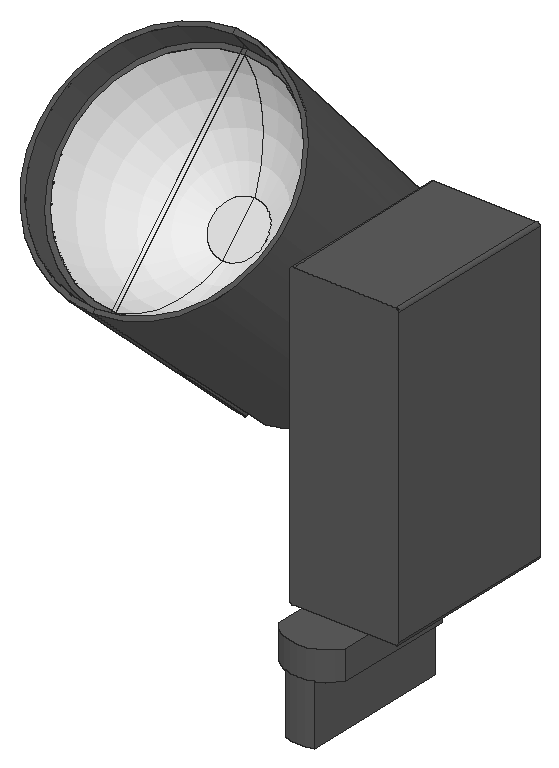
Revit family "0004892 Feilo Sylvania Lighting Fixture START TRACK SPOT L 55W 3K RA90 NB BLACK", category Lighting Fixtures, host Face, Revit 2017 (continued)
Definition of nested family "Start Track Spot Head"
  Types (96, lengths in mm): name | Wattage | built-in parameter 1150134 | Photometric Web File | Model | built-in parameter 1150105 | Lumens | built-in parameter 1150107 | built-in parameter 1150106 | HeadThickness_FEILO | HeadRibOffset_FEILO | HeadRibDepth_FEILO | HeadRibCutWidth_FEILO | HeadRibCutOffset_FEILO | HeadReflectorRadius_FEILO | HeadReflectorOffset_FEILO | HeadLEDRadius_FEILO | HeadHeight_FEILO | HeadDiffusorOffset_FEILO | HeadDiaOut_FEILO | HeadDiaIn_FEILO | HeadAxisFromTop_FEILO | Emit from Circle Diameter | built-in parameter 1150104 | Description | Apparent Load
    0004864 START TRACK SPOT S 24W 3K RA90 WB WHITE | 24 W | (empty or 0) | "0004864.ies" | "START TRACK SPOT S 24W 3K RA90 WB WHITE" | 152.79 (stored number, unit not read) | 1920 lm | 3000 (stored number, unit not read) | 1.5279 (stored number, unit not read) | 1.5 | 4.179 | 55.714 | 7.167 | 50.87 | 50.588 | 55.714 | 9.556 | 117 | 9.435 | 86 | 77.477 | 69.354 | 77.477 | 7.4322 (stored number, unit not read) | "Integrated LED spotlight, Textured White - RAL9016, compact and minimalist design, ideal for retail applications, die-cast aluminium body, passive cooling heatsink. Beam angle: 64°, color temperature: 3000K , total system power: 24W, total fixture output: 1928 lm, LOR: 100%, colour rendering: Ra: 90 typical, LED Chromaticity: 3 step MacAdam ellipse, lifetime: >50000 hours at L70B50, energy class: A++, A+, A, IR/UV free light source without heat radiation, operating voltage: 220-240V / 50-60Hz, drive current: 600mA, electronic driver, non-dimmable, power factor: 0.95, electrical protection: Class II, Global Track 3 Phase adapter suitable for Global trac 3-circuit tracks, ingress protection rating: IP20, suitable for internal environment only, horizontal rotation: 355°, vertical tilt: 90°, dimensions: Ø86x140x200, weight: 0.966kg." | 24 VA
    0004863 START TRACK SPOT S 24W 3K RA90 MB WHITE | 24 W | (empty or 0) | "0004863.ies" | "START TRACK SPOT S 24W 3K RA90 MB WHITE" | 154.7 (stored number, unit not read) | 1944 lm | 3000 (stored number, unit not read) | 1.547 (stored number, unit not read) | 1.5 | 4.179 | 55.714 | 7.167 | 50.87 | 50.588 | 55.714 | 9.556 | 117 | 9.435 | 86 | 77.477 | 69.354 | 77.477 | 7.5251 (stored number, unit not read) | "Integrated LED spotlight, Textured White - RAL9016, compact and minimalist design, ideal for retail applications, die-cast aluminium body, passive cooling heatsink. Beam angle: 36°, color temperature: 3000K , total system power: 24W, total fixture output: 1944 lm, LOR: 100%, colour rendering: Ra: 90 typical, LED Chromaticity: 3 step MacAdam ellipse, lifetime: >50000 hours at L70B50, energy class: A++, A+, A, IR/UV free light source without heat radiation, operating voltage: 220-240V / 50-60Hz, drive current: 600mA, electronic driver, non-dimmable, power factor: 0.95, electrical protection: Class II, Global Track 3 Phase adapter suitable for Global trac 3-circuit tracks, ingress protection rating: IP20, suitable for internal environment only, horizontal rotation: 355°, vertical tilt: 90°, dimensions: Ø86x140x200, weight: 0.966kg." | 24 VA
    0004862 START TRACK SPOT S 24W 3K RA90 NB WHITE | 24 W | (empty or 0) | "0004862.ies" | "START TRACK SPOT S 24W 3K RA90 NB WHITE" | 158.52 (stored number, unit not read) | 1992 lm | 3000 (stored number, unit not read) | 1.5852 (stored number, unit not read) | 1.5 | 4.179 | 55.714 | 7.167 | 50.87 | 50.588 | 55.714 | 9.556 | 117 | 9.435 | 86 | 77.477 | 69.354 | 77.477 | 7.711 (stored number, unit not read) | "Integrated LED spotlight, Textured White - RAL9016, compact and minimalist design, ideal for retail applications, die-cast aluminium body, passive cooling heatsink. Beam angle: 12°, color temperature: 3000K , total system power: 24W, total fixture output: 1987 lm, LOR: 100%, colour rendering: Ra: 90 typical, LED Chromaticity: 3 step MacAdam ellipse, lifetime: >50000 hours at L70B50, energy class: A++, A+, A, IR/UV free light source without heat radiation, operating voltage: 220-240V / 50-60Hz, drive current: 600mA, electronic driver, non-dimmable, power factor: 0.95, electrical protection: Class II, Global Track 3 Phase adapter suitable for Global trac 3-circuit tracks, ingress protection rating: IP20, suitable for internal environment only, horizontal rotation: 355°, vertical tilt: 90°, dimensions: Ø86x140x200, weight: 0.966kg." | 24 VA
    0004861 START TRACK SPOT S 14W 3K RA90 WB WHITE | 14 W | (empty or 0) | "0004861.ies" | "START TRACK SPOT S 14W 3K RA90 WB WHITE" | 100.27 (stored number, unit not read) | 1260 lm | 3000 (stored number, unit not read) | 1.0027 (stored number, unit not read) | 1.5 | 4.179 | 55.714 | 7.167 | 50.87 | 50.588 | 55.714 | 9.556 | 117 | 9.435 | 86 | 77.477 | 69.354 | 77.477 | 8.3613 (stored number, unit not read) | "Integrated LED spotlight, Textured White - RAL9016, compact and minimalist design, ideal for retail applications, die-cast aluminium body, passive cooling heatsink. Beam angle: 64°, color temperature: 3000K , total system power: 14W, total fixture output: 1262 lm, LOR: 100%, colour rendering: Ra: 90 typical, LED Chromaticity: 3 step MacAdam ellipse, lifetime: >50000 hours at L70B50, energy class: A++, A+, A, IR/UV free light source without heat radiation, operating voltage: 220-240V / 50-60Hz, drive current: 350mA, electronic driver, non-dimmable, power factor: 0.92, electrical protection: Class II, Global Track 3 Phase adapter suitable for Global trac 3-circuit tracks, ingress protection rating: IP20, suitable for internal environment only, horizontal rotation: 355°, vertical tilt: 90°, dimensions: Ø86x140x200, weight: 0.940kg." | 14 VA
    0004860 START TRACK SPOT S 14W 3K RA90 MB WHITE | 14 W | (empty or 0) | "0004860.ies" | "START TRACK SPOT S 14W 3K RA90 MB WHITE" | 100.27 (stored number, unit not read) | 1260 lm | 3000 (stored number, unit not read) | 1.0027 (stored number, unit not read) | 1.5 | 4.179 | 55.714 | 7.167 | 50.87 | 50.588 | 55.714 | 9.556 | 117 | 9.435 | 86 | 77.477 | 69.354 | 77.477 | 8.3613 (stored number, unit not read) | "Integrated LED spotlight, Textured White - RAL9016, compact and minimalist design, ideal for retail applications, die-cast aluminium body, passive cooling heatsink. Beam angle: 36°, color temperature: 3000K , total system power: 14W, total fixture output: 1262 lm, LOR: 100%, colour rendering: Ra: 90 typical, LED Chromaticity: 3 step MacAdam ellipse, lifetime: >50000 hours at L70B50, energy class: A++, A+, A, IR/UV free light source without heat radiation, operating voltage: 220-240V / 50-60Hz, drive current: 350mA, electronic driver, non-dimmable, power factor: 0.92, electrical protection: Class II, Global Track 3 Phase adapter suitable for Global trac 3-circuit tracks, ingress protection rating: IP20, suitable for internal environment only, horizontal rotation: 355°, vertical tilt: 90°, dimensions: Ø86x140x200, weight: 0.940kg." | 14 VA
    0004859 START TRACK SPOT S 14W 3K RA90 NB WHITE | 14 W | (empty or 0) | "0004859.ies" | "START TRACK SPOT S 14W 3K RA90 NB WHITE" | 102.5 (stored number, unit not read) | 1288 lm | 3000 (stored number, unit not read) | 1.025 (stored number, unit not read) | 1.5 | 4.179 | 55.714 | 7.167 | 50.87 | 50.588 | 55.714 | 9.556 | 117 | 9.435 | 86 | 77.477 | 69.354 | 77.477 | 8.5471 (stored number, unit not read) | "Integrated LED spotlight, Textured White - RAL9016, compact and minimalist design, ideal for retail applications, die-cast aluminium body, passive cooling heatsink. Beam angle: 12°, color temperature: 3000K , total system power: 14W, total fixture output: 1284 lm, LOR: 100%, colour rendering: Ra: 90 typical, LED Chromaticity: 3 step MacAdam ellipse, lifetime: >50000 hours at L70B50, energy class: A++, A+, A, IR/UV free light source without heat radiation, operating voltage: 220-240V / 50-60Hz, drive current: 350mA, electronic driver, non-dimmable, power factor: 0.92, electrical protection: Class II, Global Track 3 Phase adapter suitable for Global trac 3-circuit tracks, ingress protection rating: IP20, suitable for internal environment only, horizontal rotation: 355°, vertical tilt: 90°, dimensions: Ø86x140x200, weight: 0.940kg." | 14 VA
    0004858 START TRACK SPOT L 55W 4K RA80 WB BLACK | 55 W | 12 | "0004858.ies" | "START TRACK SPOT L 55W 4K RA80 WB BLACK" | 424.55 (stored number, unit not read) | 5335 lm | 4000 (stored number, unit not read) | 4.2455 (stored number, unit not read) | 2 | 4.429 | 59.048 | 9.417 | 53.913 | 66.471 | 59.048 | 12.556 | 124 | 10 | 113 | 101.802 | 73.503 | 101.802 | 9.0116 (stored number, unit not read) | "Integrated LED spotlight, Textured Black - RAL9005, compact and minimalist design, ideal for retail applications, die-cast aluminium body, passive cooling heatsink. Beam angle: 52°, color temperature: 4000K , total system power: 55W, total fixture output: 5320 lm, LOR: 100%, colour rendering: Ra: 80 typical, LED Chromaticity: 3 step MacAdam ellipse, lifetime: >50000 hours at L70B50, energy class: A++, A+, A, IR/UV free light source without heat radiation, operating voltage: 220-240V / 50-60Hz, drive current: 1400mA, electronic driver, non-dimmable, power factor: 0.96, electrical protection: Class II, Global Track 3 Phase adapter suitable for Global trac 3-circuit tracks, ingress protection rating: IP20, suitable for internal environment only, horizontal rotation: 355°, vertical tilt: 90°, dimensions: Ø113x164x240, weight: 1.398kg." | 55 VA
    0004857 START TRACK SPOT L 55W 4K RA80 MB BLACK | 55 W | 12 | "0004857.ies" | "START TRACK SPOT L 55W 4K RA80 MB BLACK" | 428.92 (stored number, unit not read) | 5390 lm | 4000 (stored number, unit not read) | 4.2892 (stored number, unit not read) | 2 | 4.429 | 59.048 | 9.417 | 53.913 | 66.471 | 59.048 | 12.556 | 124 | 10 | 113 | 101.802 | 73.503 | 101.802 | 9.1045 (stored number, unit not read) | "Integrated LED spotlight, Textured Black - RAL9005, compact and minimalist design, ideal for retail applications, die-cast aluminium body, passive cooling heatsink. Beam angle: 38°, color temperature: 4000K , total system power: 55W, total fixture output: 5378 lm, LOR: 100%, colour rendering: Ra: 80 typical, LED Chromaticity: 3 step MacAdam ellipse, lifetime: >50000 hours at L70B50, energy class: A++, A+, A, IR/UV free light source without heat radiation, operating voltage: 220-240V / 50-60Hz, drive current: 1400mA, electronic driver, non-dimmable, power factor: 0.96, electrical protection: Class II, Global Track 3 Phase adapter suitable for Global trac 3-circuit tracks, ingress protection rating: IP20, suitable for internal environment only, horizontal rotation: 355°, vertical tilt: 90°, dimensions: Ø113x164x240, weight: 1.398kg." | 55 VA
    0004856 START TRACK SPOT L 55W 4K RA80 NB BLACK | 55 W | 12 | "0004856.ies" | "START TRACK SPOT L 55W 4K RA80 NB BLACK" | 433.3 (stored number, unit not read) | 5445 lm | 4000 (stored number, unit not read) | 4.333 (stored number, unit not read) | 2 | 4.429 | 59.048 | 9.417 | 53.913 | 66.471 | 59.048 | 12.556 | 124 | 10 | 113 | 101.802 | 73.503 | 101.802 | 9.1974 (stored number, unit not read) | "Integrated LED spotlight, Textured Black - RAL9005, compact and minimalist design, ideal for retail applications, die-cast aluminium body, passive cooling heatsink. Beam angle: 15°, color temperature: 4000K , total system power: 55W, total fixture output: 5426 lm, LOR: 100%, colour rendering: Ra: 80 typical, LED Chromaticity: 3 step MacAdam ellipse, lifetime: >50000 hours at L70B50, energy class: A++, A+, A, IR/UV free light source without heat radiation, operating voltage: 220-240V / 50-60Hz, drive current: 1400mA, electronic driver, non-dimmable, power factor: 0.96, electrical protection: Class II, Global Track 3 Phase adapter suitable for Global trac 3-circuit tracks, ingress protection rating: IP20, suitable for internal environment only, horizontal rotation: 355°, vertical tilt: 90°, dimensions: Ø113x164x240, weight: 1.398kg." | 55 VA
    0004855 START TRACK SPOT L 35W 4K RA80 WB BLACK | 35 W | 12 | "0004855.ies" | "START TRACK SPOT L 35W 4K RA80 WB BLACK" | 320.3 (stored number, unit not read) | 4025 lm | 4000 (stored number, unit not read) | 3.203 (stored number, unit not read) | 2 | 4.429 | 59.048 | 9.417 | 53.913 | 66.471 | 59.048 | 12.556 | 124 | 10 | 113 | 101.802 | 73.503 | 101.802 | 10.684 (stored number, unit not read) | "Integrated LED spotlight, Textured Black - RAL9005, compact and minimalist design, ideal for retail applications, die-cast aluminium body, passive cooling heatsink. Beam angle: 52°, color temperature: 4000K , total system power: 35W, total fixture output: 4010 lm, LOR: 100%, colour rendering: Ra: 80 typical, LED Chromaticity: 3 step MacAdam ellipse, lifetime: >50000 hours at L70B50, energy class: A++, A+, A, IR/UV free light source without heat radiation, operating voltage: 220-240V / 50-60Hz, drive current: 900mA, electronic driver, non-dimmable, power factor: 0.93, electrical protection: Class II, Global Track 3 Phase adapter suitable for Global trac 3-circuit tracks, ingress protection rating: IP20, suitable for internal environment only, horizontal rotation: 355°, vertical tilt: 90°, dimensions: Ø113x164x240, weight: 1.368kg." | 35 VA
    0004854 START TRACK SPOT L 35W 4K RA80 MB BLACK | 35 W | 12 | "0004854.ies" | "START TRACK SPOT L 35W 4K RA80 MB BLACK" | 320.3 (stored number, unit not read) | 4025 lm | 4000 (stored number, unit not read) | 3.203 (stored number, unit not read) | 2 | 4.429 | 59.048 | 9.417 | 53.913 | 66.471 | 59.048 | 12.556 | 124 | 10 | 113 | 101.802 | 73.503 | 101.802 | 10.684 (stored number, unit not read) | "Integrated LED spotlight, Textured Black - RAL9005, compact and minimalist design, ideal for retail applications, die-cast aluminium body, passive cooling heatsink. Beam angle: 38°, color temperature: 4000K , total system power: 35W, total fixture output: 4017 lm, LOR: 100%, colour rendering: Ra: 80 typical, LED Chromaticity: 3 step MacAdam ellipse, lifetime: >50000 hours at L70B50, energy class: A++, A+, A, IR/UV free light source without heat radiation, operating voltage: 220-240V / 50-60Hz, drive current: 900mA, electronic driver, non-dimmable, power factor: 0.93, electrical protection: Class II, Global Track 3 Phase adapter suitable for Global trac 3-circuit tracks, ingress protection rating: IP20, suitable for internal environment only, horizontal rotation: 355°, vertical tilt: 90°, dimensions: Ø113x164x240, weight: 1.368kg." | 35 VA
    0004853 START TRACK SPOT L 35W 4K RA80 NB BLACK | 35 W | 12 | "0004853.ies" | "START TRACK SPOT L 35W 4K RA80 NB BLACK" | 331.44 (stored number, unit not read) | 4165 lm | 4000 (stored number, unit not read) | 3.3144 (stored number, unit not read) | 2 | 4.429 | 59.048 | 9.417 | 53.913 | 66.471 | 59.048 | 12.556 | 124 | 10 | 113 | 101.802 | 73.503 | 101.802 | 11.055 (stored number, unit not read) | "Integrated LED spotlight, Textured Black - RAL9005, compact and minimalist design, ideal for retail applications, die-cast aluminium body, passive cooling heatsink. Beam angle: 15°, color temperature: 4000K , total system power: 35W, total fixture output: 4174 lm, LOR: 100%, colour rendering: Ra: 80 typical, LED Chromaticity: 3 step MacAdam ellipse, lifetime: >50000 hours at L70B50, energy class: A++, A+, A, IR/UV free light source without heat radiation, operating voltage: 220-240V / 50-60Hz, drive current: 900mA, electronic driver, non-dimmable, power factor: 0.93, electrical protection: Class II, Global Track 3 Phase adapter suitable for Global trac 3-circuit tracks, ingress protection rating: IP20, suitable for internal environment only, horizontal rotation: 355°, vertical tilt: 90°, dimensions: Ø113x164x240, weight: 1.368kg." | 35 VA
    0004852 START TRACK SPOT S 24W 4K RA80 WB BLACK | 24 W | 12 | "0004852.ies" | "START TRACK SPOT S 24W 4K RA80 WB BLACK" | 196.72 (stored number, unit not read) | 2472 lm | 4000 (stored number, unit not read) | 1.9672 (stored number, unit not read) | 1.5 | 4.179 | 55.714 | 7.167 | 50.87 | 50.588 | 55.714 | 9.556 | 117 | 9.435 | 86 | 77.477 | 69.354 | 77.477 | 9.569 (stored number, unit not read) | "Integrated LED spotlight, Textured Black - RAL9005, compact and minimalist design, ideal for retail applications, die-cast aluminium body, passive cooling heatsink. Beam angle: 64°, color temperature: 4000K , total system power: 24W, total fixture output: 2476 lm, LOR: 100%, colour rendering: Ra: 80 typical, LED Chromaticity: 3 step MacAdam ellipse, lifetime: >50000 hours at L70B50, energy class: A++, A+, A, IR/UV free light source without heat radiation, operating voltage: 220-240V / 50-60Hz, drive current: 600mA, electronic driver, non-dimmable, power factor: 0.95, electrical protection: Class II, Global Track 3 Phase adapter suitable for Global trac 3-circuit tracks, ingress protection rating: IP20, suitable for internal environment only, horizontal rotation: 355°, vertical tilt: 90°, dimensions: Ø86x140x200, weight: 0.966kg." | 24 VA
    0004851 START TRACK SPOT S 24W 4K RA80 MB BLACK | 24 W | 12 | "0004851.ies" | "START TRACK SPOT S 24W 4K RA80 MB BLACK" | 198.63 (stored number, unit not read) | 2496 lm | 4000 (stored number, unit not read) | 1.9863 (stored number, unit not read) | 1.5 | 4.179 | 55.714 | 7.167 | 50.87 | 50.588 | 55.714 | 9.556 | 117 | 9.435 | 86 | 77.477 | 69.354 | 77.477 | 9.6619 (stored number, unit not read) | "Integrated LED spotlight, Textured Black - RAL9005, compact and minimalist design, ideal for retail applications, die-cast aluminium body, passive cooling heatsink. Beam angle: 36°, color temperature: 4000K , total system power: 24W, total fixture output: 2487 lm, LOR: 100%, colour rendering: Ra: 80 typical, LED Chromaticity: 3 step MacAdam ellipse, lifetime: >50000 hours at L70B50, energy class: A++, A+, A, IR/UV free light source without heat radiation, operating voltage: 220-240V / 50-60Hz, drive current: 600mA, electronic driver, non-dimmable, power factor: 0.95, electrical protection: Class II, Global Track 3 Phase adapter suitable for Global trac 3-circuit tracks, ingress protection rating: IP20, suitable for internal environment only, horizontal rotation: 355°, vertical tilt: 90°, dimensions: Ø86x140x200, weight: 0.966kg." | 24 VA
    0004850 START TRACK SPOT S 24W 4K RA80 NB BLACK | 24 W | 12 | "0004850.ies" | "START TRACK SPOT S 24W 4K RA80 NB BLACK" | 200.54 (stored number, unit not read) | 2520 lm | 4000 (stored number, unit not read) | 2.0054 (stored number, unit not read) | 1.5 | 4.179 | 55.714 | 7.167 | 50.87 | 50.588 | 55.714 | 9.556 | 117 | 9.435 | 86 | 77.477 | 69.354 | 77.477 | 9.7548 (stored number, unit not read) | "Integrated LED spotlight, Textured Black - RAL9005, compact and minimalist design, ideal for retail applications, die-cast aluminium body, passive cooling heatsink. Beam angle: 12°, color temperature: 4000K , total system power: 24W, total fixture output: 2529 lm, LOR: 100%, colour rendering: Ra: 80 typical, LED Chromaticity: 3 step MacAdam ellipse, lifetime: >50000 hours at L70B50, energy class: A++, A+, A, IR/UV free light source without heat radiation, operating voltage: 220-240V / 50-60Hz, drive current: 600mA, electronic driver, non-dimmable, power factor: 0.95, electrical protection: Class II, Global Track 3 Phase adapter suitable for Global trac 3-circuit tracks, ingress protection rating: IP20, suitable for internal environment only, horizontal rotation: 355°, vertical tilt: 90°, dimensions: Ø86x140x200, weight: 0.966kg." | 24 VA
    0004849 START TRACK SPOT S 14W 4K RA80 WB BLACK | 14 W | 12 | "0004849.ies" | "START TRACK SPOT S 14W 4K RA80 WB BLACK" | 123.66 (stored number, unit not read) | 1554 lm | 4000 (stored number, unit not read) | 1.2366 (stored number, unit not read) | 1.5 | 4.179 | 55.714 | 7.167 | 50.87 | 50.588 | 55.714 | 9.556 | 117 | 9.435 | 86 | 77.477 | 69.354 | 77.477 | 10.312 (stored number, unit not read) | "Integrated LED spotlight, Textured Black - RAL9005, compact and minimalist design, ideal for retail applications, die-cast aluminium body, passive cooling heatsink. Beam angle: 64°, color temperature: 4000K , total system power: 14W, total fixture output: 1558 lm, LOR: 100%, colour rendering: Ra: 80 typical, LED Chromaticity: 3 step MacAdam ellipse, lifetime: >50000 hours at L70B50, energy class: A++, A+, A, IR/UV free light source without heat radiation, operating voltage: 220-240V / 50-60Hz, drive current: 350mA, electronic driver, non-dimmable, power factor: 0.92, electrical protection: Class II, Global Track 3 Phase adapter suitable for Global trac 3-circuit tracks, ingress protection rating: IP20, suitable for internal environment only, horizontal rotation: 355°, vertical tilt: 90°, dimensions: Ø86x140x200, weight: 0.940kg." | 14 VA
    0004848 START TRACK SPOT S 14W 4K RA80 MB BLACK | 14 W | 12 | "0004848.ies" | "START TRACK SPOT S 14W 4K RA80 MB BLACK" | 127.01 (stored number, unit not read) | 1596 lm | 4000 (stored number, unit not read) | 1.2701 (stored number, unit not read) | 1.5 | 4.179 | 55.714 | 7.167 | 50.87 | 50.588 | 55.714 | 9.556 | 117 | 9.435 | 86 | 77.477 | 69.354 | 77.477 | 10.591 (stored number, unit not read) | "Integrated LED spotlight, Textured Black - RAL9005, compact and minimalist design, ideal for retail applications, die-cast aluminium body, passive cooling heatsink. Beam angle: 36°, color temperature: 4000K , total system power: 14W, total fixture output: 1598 lm, LOR: 100%, colour rendering: Ra: 80 typical, LED Chromaticity: 3 step MacAdam ellipse, lifetime: >50000 hours at L70B50, energy class: A++, A+, A, IR/UV free light source without heat radiation, operating voltage: 220-240V / 50-60Hz, drive current: 350mA, electronic driver, non-dimmable, power factor: 0.92, electrical protection: Class II, Global Track 3 Phase adapter suitable for Global trac 3-circuit tracks, ingress protection rating: IP20, suitable for internal environment only, horizontal rotation: 355°, vertical tilt: 90°, dimensions: Ø86x140x200, weight: 0.940kg." | 14 VA
    0004847 START TRACK SPOT S 14W 4K RA80 NB BLACK | 14 W | 12 | "0004847.ies" | "START TRACK SPOT S 14W 4K RA80 NB BLACK" | 128.12 (stored number, unit not read) | 1610 lm | 4000 (stored number, unit not read) | 1.2812 (stored number, unit not read) | 1.5 | 4.179 | 55.714 | 7.167 | 50.87 | 50.588 | 55.714 | 9.556 | 117 | 9.435 | 86 | 77.477 | 69.354 | 77.477 | 10.684 (stored number, unit not read) | "Integrated LED spotlight, Textured Black - RAL9005, compact and minimalist design, ideal for retail applications, die-cast aluminium body, passive cooling heatsink. Beam angle: 12°, color temperature: 4000K , total system power: 14W, total fixture output: 1608 lm, LOR: 100%, colour rendering: Ra: 80 typical, LED Chromaticity: 3 step MacAdam ellipse, lifetime: >50000 hours at L70B50, energy class: A++, A+, A, IR/UV free light source without heat radiation, operating voltage: 220-240V / 50-60Hz, drive current: 350mA, electronic driver, non-dimmable, power factor: 0.92, electrical protection: Class II, Global Track 3 Phase adapter suitable for Global trac 3-circuit tracks, ingress protection rating: IP20, suitable for internal environment only, horizontal rotation: 355°, vertical tilt: 90°, dimensions: Ø86x140x200, weight: 0.940kg." | 14 VA
    0004846 START TRACK SPOT L 55W 3K RA80 WB BLACK | 55 W | (empty or 0) | "0004846.ies" | "START TRACK SPOT L 55W 3K RA80 WB BLACK" | 420.17 (stored number, unit not read) | 5280 lm | 3000 (stored number, unit not read) | 4.2017 (stored number, unit not read) | 2 | 4.429 | 59.048 | 9.417 | 53.913 | 66.471 | 59.048 | 12.556 | 124 | 10 | 113 | 101.802 | 73.503 | 101.802 | 8.9187 (stored number, unit not read) | "Integrated LED spotlight, Textured Black - RAL9005, compact and minimalist design, ideal for retail applications, die-cast aluminium body, passive cooling heatsink. Beam angle: 52°, color temperature: 3000K , total system power: 55W, total fixture output: 5298 lm, LOR: 100%, colour rendering: Ra: 80 typical, LED Chromaticity: 3 step MacAdam ellipse, lifetime: >50000 hours at L70B50, energy class: A++, A+, A, IR/UV free light source without heat radiation, operating voltage: 220-240V / 50-60Hz, drive current: 1400mA, electronic driver, non-dimmable, power factor: 0.96, electrical protection: Class II, Global Track 3 Phase adapter suitable for Global trac 3-circuit tracks, ingress protection rating: IP20, suitable for internal environment only, horizontal rotation: 355°, vertical tilt: 90°, dimensions: Ø113x164x240, weight: 1.398kg." | 55 VA
    0004845 START TRACK SPOT L 55W 3K RA80 MB BLACK | 55 W | (empty or 0) | "0004845.ies" | "START TRACK SPOT L 55W 3K RA80 MB BLACK" | 428.92 (stored number, unit not read) | 5390 lm | 3000 (stored number, unit not read) | 4.2892 (stored number, unit not read) | 2 | 4.429 | 59.048 | 9.417 | 53.913 | 66.471 | 59.048 | 12.556 | 124 | 10 | 113 | 101.802 | 73.503 | 101.802 | 9.1045 (stored number, unit not read) | "Integrated LED spotlight, Textured Black - RAL9005, compact and minimalist design, ideal for retail applications, die-cast aluminium body, passive cooling heatsink. Beam angle: 38°, color temperature: 3000K , total system power: 55W, total fixture output: 5381 lm, LOR: 100%, colour rendering: Ra: 80 typical, LED Chromaticity: 3 step MacAdam ellipse, lifetime: >50000 hours at L70B50, energy class: A++, A+, A, IR/UV free light source without heat radiation, operating voltage: 220-240V / 50-60Hz, drive current: 1400mA, electronic driver, non-dimmable, power factor: 0.96, electrical protection: Class II, Global Track 3 Phase adapter suitable for Global trac 3-circuit tracks, ingress protection rating: IP20, suitable for internal environment only, horizontal rotation: 355°, vertical tilt: 90°, dimensions: Ø113x164x240, weight: 1.398kg." | 55 VA
    0004844 START TRACK SPOT L 55W 3K RA80 NB BLACK | 55 W | (empty or 0) | "0004844.ies" | "START TRACK SPOT L 55W 3K RA80 NB BLACK" | 433.3 (stored number, unit not read) | 5445 lm | 3000 (stored number, unit not read) | 4.333 (stored number, unit not read) | 2 | 4.429 | 59.048 | 9.417 | 53.913 | 66.471 | 59.048 | 12.556 | 124 | 10 | 113 | 101.802 | 73.503 | 101.802 | 9.1974 (stored number, unit not read) | "Integrated LED spotlight, Textured Black - RAL9005, compact and minimalist design, ideal for retail applications, die-cast aluminium body, passive cooling heatsink. Beam angle: 15°, color temperature: 3000K , total system power: 55W, total fixture output: 5449 lm, LOR: 100%, colour rendering: Ra: 80 typical, LED Chromaticity: 3 step MacAdam ellipse, lifetime: >50000 hours at L70B50, energy class: A++, A+, A, IR/UV free light source without heat radiation, operating voltage: 220-240V / 50-60Hz, drive current: 1400mA, electronic driver, non-dimmable, power factor: 0.96, electrical protection: Class II, Global Track 3 Phase adapter suitable for Global trac 3-circuit tracks, ingress protection rating: IP20, suitable for internal environment only, horizontal rotation: 355°, vertical tilt: 90°, dimensions: Ø113x164x240, weight: 1.398kg." | 55 VA
    0004843 START TRACK SPOT L 35W 3K RA80 WB BLACK | 35 W | (empty or 0) | "0004843.ies" | "START TRACK SPOT L 35W 3K RA80 WB BLACK" | 314.73 (stored number, unit not read) | 3955 lm | 3000 (stored number, unit not read) | 3.1473 (stored number, unit not read) | 2 | 4.429 | 59.048 | 9.417 | 53.913 | 66.471 | 59.048 | 12.556 | 124 | 10 | 113 | 101.802 | 73.503 | 101.802 | 10.498 (stored number, unit not read) | "Integrated LED spotlight, Textured Black - RAL9005, compact and minimalist design, ideal for retail applications, die-cast aluminium body, passive cooling heatsink. Beam angle: 52°, color temperature: 3000K , total system power: 35W, total fixture output: 3943 lm, LOR: 100%, colour rendering: Ra: 80 typical, LED Chromaticity: 3 step MacAdam ellipse, lifetime: >50000 hours at L70B50, energy class: A++, A+, A, IR/UV free light source without heat radiation, operating voltage: 220-240V / 50-60Hz, drive current: 900mA, electronic driver, non-dimmable, power factor: 0.93, electrical protection: Class II, Global Track 3 Phase adapter suitable for Global trac 3-circuit tracks, ingress protection rating: IP20, suitable for internal environment only, horizontal rotation: 355°, vertical tilt: 90°, dimensions: Ø113x164x240, weight: 1.368kg." | 35 VA
    0004842 START TRACK SPOT L 35W 3K RA80 MB BLACK | 35 W | (empty or 0) | "0004842.ies" | "START TRACK SPOT L 35W 3K RA80 MB BLACK" | 320.3 (stored number, unit not read) | 4025 lm | 3000 (stored number, unit not read) | 3.203 (stored number, unit not read) | 2 | 4.429 | 59.048 | 9.417 | 53.913 | 66.471 | 59.048 | 12.556 | 124 | 10 | 113 | 101.802 | 73.503 | 101.802 | 10.684 (stored number, unit not read) | "Integrated LED spotlight, Textured Black - RAL9005, compact and minimalist design, ideal for retail applications, die-cast aluminium body, passive cooling heatsink. Beam angle: 38°, color temperature: 3000K , total system power: 35W, total fixture output: 4008 lm, LOR: 100%, colour rendering: Ra: 80 typical, LED Chromaticity: 3 step MacAdam ellipse, lifetime: >50000 hours at L70B50, energy class: A++, A+, A, IR/UV free light source without heat radiation, operating voltage: 220-240V / 50-60Hz, drive current: 900mA, electronic driver, non-dimmable, power factor: 0.93, electrical protection: Class II, Global Track 3 Phase adapter suitable for Global trac 3-circuit tracks, ingress protection rating: IP20, suitable for internal environment only, horizontal rotation: 355°, vertical tilt: 90°, dimensions: Ø113x164x240, weight: 1.368kg." | 35 VA
    0004841 START TRACK SPOT L 35W 3K RA80 NB BLACK | 35 W | (empty or 0) | "0004841.ies" | "START TRACK SPOT L 35W 3K RA80 NB BLACK" | 317.51 (stored number, unit not read) | 3990 lm | 3000 (stored number, unit not read) | 3.1751 (stored number, unit not read) | 2 | 4.429 | 59.048 | 9.417 | 53.913 | 66.471 | 59.048 | 12.556 | 124 | 10 | 113 | 101.802 | 73.503 | 101.802 | 10.591 (stored number, unit not read) | "Integrated LED spotlight, Textured Black - RAL9005, compact and minimalist design, ideal for retail applications, die-cast aluminium body, passive cooling heatsink. Beam angle: 15°, color temperature: 3000K , total system power: 35W, total fixture output: 4005 lm, LOR: 100%, colour rendering: Ra: 80 typical, LED Chromaticity: 3 step MacAdam ellipse, lifetime: >50000 hours at L70B50, energy class: A++, A+, A, IR/UV free light source without heat radiation, operating voltage: 220-240V / 50-60Hz, drive current: 900mA, electronic driver, non-dimmable, power factor: 0.93, electrical protection: Class II, Global Track 3 Phase adapter suitable for Global trac 3-circuit tracks, ingress protection rating: IP20, suitable for internal environment only, horizontal rotation: 355°, vertical tilt: 90°, dimensions: Ø113x164x240, weight: 1.368kg." | 35 VA
    0004840 START TRACK SPOT S 24W 3K RA80 WB BLACK | 24 W | (empty or 0) | "0004840.ies" | "START TRACK SPOT S 24W 3K RA80 WB BLACK" | 185.26 (stored number, unit not read) | 2328 lm | 3000 (stored number, unit not read) | 1.8526 (stored number, unit not read) | 1.5 | 4.179 | 55.714 | 7.167 | 50.87 | 50.588 | 55.714 | 9.556 | 117 | 9.435 | 86 | 77.477 | 69.354 | 77.477 | 9.0116 (stored number, unit not read) | "Integrated LED spotlight, Textured Black - RAL9005, compact and minimalist design, ideal for retail applications, die-cast aluminium body, passive cooling heatsink. Beam angle: 64°, color temperature: 3000K , total system power: 24W, total fixture output: 2318 lm, LOR: 100%, colour rendering: Ra: 80 typical, LED Chromaticity: 3 step MacAdam ellipse, lifetime: >50000 hours at L70B50, energy class: A++, A+, A, IR/UV free light source without heat radiation, operating voltage: 220-240V / 50-60Hz, drive current: 600mA, electronic driver, non-dimmable, power factor: 0.95, electrical protection: Class II, Global Track 3 Phase adapter suitable for Global trac 3-circuit tracks, ingress protection rating: IP20, suitable for internal environment only, horizontal rotation: 355°, vertical tilt: 90°, dimensions: Ø86x140x200, weight: 0.966kg." | 24 VA
    0004839 START TRACK SPOT S 24W 3K RA80 MB BLACK | 24 W | (empty or 0) | "0004839.ies" | "START TRACK SPOT S 24W 3K RA80 MB BLACK" | 183.35 (stored number, unit not read) | 2304 lm | 3000 (stored number, unit not read) | 1.8335 (stored number, unit not read) | 1.5 | 4.179 | 55.714 | 7.167 | 50.87 | 50.588 | 55.714 | 9.556 | 117 | 9.435 | 86 | 77.477 | 69.354 | 77.477 | 8.9187 (stored number, unit not read) | "Integrated LED spotlight, Textured Black - RAL9005, compact and minimalist design, ideal for retail applications, die-cast aluminium body, passive cooling heatsink. Beam angle: 36°, color temperature: 3000K , total system power: 24W, total fixture output: 2314 lm, LOR: 100%, colour rendering: Ra: 80 typical, LED Chromaticity: 3 step MacAdam ellipse, lifetime: >50000 hours at L70B50, energy class: A++, A+, A, IR/UV free light source without heat radiation, operating voltage: 220-240V / 50-60Hz, drive current: 600mA, electronic driver, non-dimmable, power factor: 0.95, electrical protection: Class II, Global Track 3 Phase adapter suitable for Global trac 3-circuit tracks, ingress protection rating: IP20, suitable for internal environment only, horizontal rotation: 355°, vertical tilt: 90°, dimensions: Ø86x140x200, weight: 0.966kg." | 24 VA
    0004838 START TRACK SPOT S 24W 3K RA80 NB BLACK | 24 W | (empty or 0) | "0004838.ies" | "START TRACK SPOT S 24W 3K RA80 NB BLACK" | 185.26 (stored number, unit not read) | 2328 lm | 3000 (stored number, unit not read) | 1.8526 (stored number, unit not read) | 1.5 | 4.179 | 55.714 | 7.167 | 50.87 | 50.588 | 55.714 | 9.556 | 117 | 9.435 | 86 | 77.477 | 69.354 | 77.477 | 9.0116 (stored number, unit not read) | "Integrated LED spotlight, Textured Black - RAL9005, compact and minimalist design, ideal for retail applications, die-cast aluminium body, passive cooling heatsink. Beam angle: 12°, color temperature: 3000K , total system power: 24W, total fixture output: 2334 lm, LOR: 100%, colour rendering: Ra: 80 typical, LED Chromaticity: 3 step MacAdam ellipse, lifetime: >50000 hours at L70B50, energy class: A++, A+, A, IR/UV free light source without heat radiation, operating voltage: 220-240V / 50-60Hz, drive current: 600mA, electronic driver, non-dimmable, power factor: 0.95, electrical protection: Class II, Global Track 3 Phase adapter suitable for Global trac 3-circuit tracks, ingress protection rating: IP20, suitable for internal environment only, horizontal rotation: 355°, vertical tilt: 90°, dimensions: Ø86x140x200, weight: 0.966kg." | 24 VA
    0004837 START TRACK SPOT S 14W 3K RA80 WB BLACK | 14 W | (empty or 0) | "0004837.ies" | "START TRACK SPOT S 14W 3K RA80 WB BLACK" | 119.21 (stored number, unit not read) | 1498 lm | 3000 (stored number, unit not read) | 1.1921 (stored number, unit not read) | 1.5 | 4.179 | 55.714 | 7.167 | 50.87 | 50.588 | 55.714 | 9.556 | 117 | 9.435 | 86 | 77.477 | 69.354 | 77.477 | 9.9406 (stored number, unit not read) | "Integrated LED spotlight, Textured Black - RAL9005, compact and minimalist design, ideal for retail applications, die-cast aluminium body, passive cooling heatsink. Beam angle: 64°, color temperature: 3000K , total system power: 14W, total fixture output: 1498 lm, LOR: 100%, colour rendering: Ra: 80 typical, LED Chromaticity: 3 step MacAdam ellipse, lifetime: >50000 hours at L70B50, energy class: A++, A+, A, IR/UV free light source without heat radiation, operating voltage: 220-240V / 50-60Hz, drive current: 350mA, electronic driver, non-dimmable, power factor: 0.92, electrical protection: Class II, Global Track 3 Phase adapter suitable for Global trac 3-circuit tracks, ingress protection rating: IP20, suitable for internal environment only, horizontal rotation: 355°, vertical tilt: 90°, dimensions: Ø86x140x200, weight: 0.940kg." | 14 VA
    0004836 START TRACK SPOT S 14W 3K RA80 MB BLACK | 14 W | (empty or 0) | "0004836.ies" | "START TRACK SPOT S 14W 3K RA80 MB BLACK" | 120.32 (stored number, unit not read) | 1512 lm | 3000 (stored number, unit not read) | 1.2032 (stored number, unit not read) | 1.5 | 4.179 | 55.714 | 7.167 | 50.87 | 50.588 | 55.714 | 9.556 | 117 | 9.435 | 86 | 77.477 | 69.354 | 77.477 | 10.034 (stored number, unit not read) | "Integrated LED spotlight, Textured Black - RAL9005, compact and minimalist design, ideal for retail applications, die-cast aluminium body, passive cooling heatsink. Beam angle: 36°, color temperature: 3000K , total system power: 14W, total fixture output: 1508 lm, LOR: 100%, colour rendering: Ra: 80 typical, LED Chromaticity: 3 step MacAdam ellipse, lifetime: >50000 hours at L70B50, energy class: A++, A+, A, IR/UV free light source without heat radiation, operating voltage: 220-240V / 50-60Hz, drive current: 350mA, electronic driver, non-dimmable, power factor: 0.92, electrical protection: Class II, Global Track 3 Phase adapter suitable for Global trac 3-circuit tracks, ingress protection rating: IP20, suitable for internal environment only, horizontal rotation: 355°, vertical tilt: 90°, dimensions: Ø86x140x200, weight: 0.940kg." | 14 VA
    0004835 START TRACK SPOT S 14W 3K RA80 NB BLACK | 14 W | (empty or 0) | "0004835.ies" | "START TRACK SPOT S 14W 3K RA80 NB BLACK" | 123.66 (stored number, unit not read) | 1554 lm | 3000 (stored number, unit not read) | 1.2366 (stored number, unit not read) | 1.5 | 4.179 | 55.714 | 7.167 | 50.87 | 50.588 | 55.714 | 9.556 | 117 | 9.435 | 86 | 77.477 | 69.354 | 77.477 | 10.312 (stored number, unit not read) | "Integrated LED spotlight, Textured Black - RAL9005, compact and minimalist design, ideal for retail applications, die-cast aluminium body, passive cooling heatsink. Beam angle: 12°, color temperature: 3000K , total system power: 14W, total fixture output: 1551 lm, LOR: 100%, colour rendering: Ra: 80 typical, LED Chromaticity: 3 step MacAdam ellipse, lifetime: >50000 hours at L70B50, energy class: A++, A+, A, IR/UV free light source without heat radiation, operating voltage: 220-240V / 50-60Hz, drive current: 350mA, electronic driver, non-dimmable, power factor: 0.92, electrical protection: Class II, Global Track 3 Phase adapter suitable for Global trac 3-circuit tracks, ingress protection rating: IP20, suitable for internal environment only, horizontal rotation: 355°, vertical tilt: 90°, dimensions: Ø86x140x200, weight: 0.940kg." | 14 VA
    0004834 START TRACK SPOT L 55W 4K RA80 WB WHITE | 55 W | 12 | "0004834.ies" | "START TRACK SPOT L 55W 4K RA80 WB WHITE" | 424.55 (stored number, unit not read) | 5335 lm | 4000 (stored number, unit not read) | 4.2455 (stored number, unit not read) | 2 | 4.429 | 59.048 | 9.417 | 53.913 | 66.471 | 59.048 | 12.556 | 124 | 10 | 113 | 101.802 | 73.503 | 101.802 | 9.0116 (stored number, unit not read) | "Integrated LED spotlight, Textured White - RAL9016, compact and minimalist design, ideal for retail applications, die-cast aluminium body, passive cooling heatsink. Beam angle: 52°, color temperature: 4000K , total system power: 55W, total fixture output: 5320 lm, LOR: 100%, colour rendering: Ra: 80 typical, LED Chromaticity: 3 step MacAdam ellipse, lifetime: >50000 hours at L70B50, energy class: A++, A+, A, IR/UV free light source without heat radiation, operating voltage: 220-240V / 50-60Hz, drive current: 1400mA, electronic driver, non-dimmable, power factor: 0.96, electrical protection: Class II, Global Track 3 Phase adapter suitable for Global trac 3-circuit tracks, ingress protection rating: IP20, suitable for internal environment only, horizontal rotation: 355°, vertical tilt: 90°, dimensions: Ø113x164x240, weight: 1.398kg." | 55 VA
    0004833 START TRACK SPOT L 55W 4K RA80 MB WHITE | 55 W | 12 | "0004833.ies" | "START TRACK SPOT L 55W 4K RA80 MB WHITE" | 428.92 (stored number, unit not read) | 5390 lm | 4000 (stored number, unit not read) | 4.2892 (stored number, unit not read) | 2 | 4.429 | 59.048 | 9.417 | 53.913 | 66.471 | 59.048 | 12.556 | 124 | 10 | 113 | 101.802 | 73.503 | 101.802 | 9.1045 (stored number, unit not read) | "Integrated LED spotlight, Textured White - RAL9016, compact and minimalist design, ideal for retail applications, die-cast aluminium body, passive cooling heatsink. Beam angle: 38°, color temperature: 4000K , total system power: 55W, total fixture output: 5378 lm, LOR: 100%, colour rendering: Ra: 80 typical, LED Chromaticity: 3 step MacAdam ellipse, lifetime: >50000 hours at L70B50, energy class: A++, A+, A, IR/UV free light source without heat radiation, operating voltage: 220-240V / 50-60Hz, drive current: 1400mA, electronic driver, non-dimmable, power factor: 0.96, electrical protection: Class II, Global Track 3 Phase adapter suitable for Global trac 3-circuit tracks, ingress protection rating: IP20, suitable for internal environment only, horizontal rotation: 355°, vertical tilt: 90°, dimensions: Ø113x164x240, weight: 1.398kg." | 55 VA
    0004832 START TRACK SPOT L 55W 4K RA80 NB WHITE | 55 W | 12 | "0004832.ies" | "START TRACK SPOT L 55W 4K RA80 NB WHITE" | 433.3 (stored number, unit not read) | 5445 lm | 4000 (stored number, unit not read) | 4.333 (stored number, unit not read) | 2 | 4.429 | 59.048 | 9.417 | 53.913 | 66.471 | 59.048 | 12.556 | 124 | 10 | 113 | 101.802 | 73.503 | 101.802 | 9.1974 (stored number, unit not read) | "Integrated LED spotlight, Textured White - RAL9016, compact and minimalist design, ideal for retail applications, die-cast aluminium body, passive cooling heatsink. Beam angle: 15°, color temperature: 4000K , total system power: 55W, total fixture output: 5426 lm, LOR: 100%, colour rendering: Ra: 80 typical, LED Chromaticity: 3 step MacAdam ellipse, lifetime: >50000 hours at L70B50, energy class: A++, A+, A, IR/UV free light source without heat radiation, operating voltage: 220-240V / 50-60Hz, drive current: 1400mA, electronic driver, non-dimmable, power factor: 0.96, electrical protection: Class II, Global Track 3 Phase adapter suitable for Global trac 3-circuit tracks, ingress protection rating: IP20, suitable for internal environment only, horizontal rotation: 355°, vertical tilt: 90°, dimensions: Ø113x164x240, weight: 1.398kg." | 55 VA
    0004831 START TRACK SPOT L 35W 4K RA80 WB WHITE | 35 W | 12 | "0004831.ies" | "START TRACK SPOT L 35W 4K RA80 WB WHITE" | 320.3 (stored number, unit not read) | 4025 lm | 4000 (stored number, unit not read) | 3.203 (stored number, unit not read) | 2 | 4.429 | 59.048 | 9.417 | 53.913 | 66.471 | 59.048 | 12.556 | 124 | 10 | 113 | 101.802 | 73.503 | 101.802 | 10.684 (stored number, unit not read) | "Integrated LED spotlight, Textured White - RAL9016, compact and minimalist design, ideal for retail applications, die-cast aluminium body, passive cooling heatsink. Beam angle: 52°, color temperature: 4000K , total system power: 35W, total fixture output: 4010 lm, LOR: 100%, colour rendering: Ra: 80 typical, LED Chromaticity: 3 step MacAdam ellipse, lifetime: >50000 hours at L70B50, energy class: A++, A+, A, IR/UV free light source without heat radiation, operating voltage: 220-240V / 50-60Hz, drive current: 900mA, electronic driver, non-dimmable, power factor: 0.93, electrical protection: Class II, Global Track 3 Phase adapter suitable for Global trac 3-circuit tracks, ingress protection rating: IP20, suitable for internal environment only, horizontal rotation: 355°, vertical tilt: 90°, dimensions: Ø113x164x240, weight: 1.368kg." | 35 VA
    0004830 START TRACK SPOT L 35W 4K RA80 MB WHITE | 35 W | 12 | "0004830.ies" | "START TRACK SPOT L 35W 4K RA80 MB WHITE" | 320.3 (stored number, unit not read) | 4025 lm | 4000 (stored number, unit not read) | 3.203 (stored number, unit not read) | 2 | 4.429 | 59.048 | 9.417 | 53.913 | 66.471 | 59.048 | 12.556 | 124 | 10 | 113 | 101.802 | 73.503 | 101.802 | 10.684 (stored number, unit not read) | "Integrated LED spotlight, Textured White - RAL9016, compact and minimalist design, ideal for retail applications, die-cast aluminium body, passive cooling heatsink. Beam angle: 38°, color temperature: 4000K , total system power: 35W, total fixture output: 4017 lm, LOR: 100%, colour rendering: Ra: 80 typical, LED Chromaticity: 3 step MacAdam ellipse, lifetime: >50000 hours at L70B50, energy class: A++, A+, A, IR/UV free light source without heat radiation, operating voltage: 220-240V / 50-60Hz, drive current: 900mA, electronic driver, non-dimmable, power factor: 0.93, electrical protection: Class II, Global Track 3 Phase adapter suitable for Global trac 3-circuit tracks, ingress protection rating: IP20, suitable for internal environment only, horizontal rotation: 355°, vertical tilt: 90°, dimensions: Ø113x164x240, weight: 1.368kg." | 35 VA
    0004829 START TRACK SPOT L 35W 4K RA80 NB WHITE | 35 W | 12 | "0004829.ies" | "START TRACK SPOT L 35W 4K RA80 NB WHITE" | 331.44 (stored number, unit not read) | 4165 lm | 4000 (stored number, unit not read) | 3.3144 (stored number, unit not read) | 2 | 4.429 | 59.048 | 9.417 | 53.913 | 66.471 | 59.048 | 12.556 | 124 | 10 | 113 | 101.802 | 73.503 | 101.802 | 11.055 (stored number, unit not read) | "Integrated LED spotlight, Textured White - RAL9016, compact and minimalist design, ideal for retail applications, die-cast aluminium body, passive cooling heatsink. Beam angle: 15°, color temperature: 4000K , total system power: 35W, total fixture output: 4174 lm, LOR: 100%, colour rendering: Ra: 80 typical, LED Chromaticity: 3 step MacAdam ellipse, lifetime: >50000 hours at L70B50, energy class: A++, A+, A, IR/UV free light source without heat radiation, operating voltage: 220-240V / 50-60Hz, drive current: 900mA, electronic driver, non-dimmable, power factor: 0.93, electrical protection: Class II, Global Track 3 Phase adapter suitable for Global trac 3-circuit tracks, ingress protection rating: IP20, suitable for internal environment only, horizontal rotation: 355°, vertical tilt: 90°, dimensions: Ø113x164x240, weight: 1.368kg." | 35 VA
    0004828 START TRACK SPOT S 24W 4K RA80 WB WHITE | 24 W | 12 | "0004828.ies" | "START TRACK SPOT S 24W 4K RA80 WB WHITE" | 196.72 (stored number, unit not read) | 2472 lm | 4000 (stored number, unit not read) | 1.9672 (stored number, unit not read) | 1.5 | 4.179 | 55.714 | 7.167 | 50.87 | 50.588 | 55.714 | 9.556 | 117 | 9.435 | 86 | 77.477 | 69.354 | 77.477 | 9.569 (stored number, unit not read) | "Integrated LED spotlight, Textured White - RAL9016, compact and minimalist design, ideal for retail applications, die-cast aluminium body, passive cooling heatsink. Beam angle: 64°, color temperature: 4000K , total system power: 24W, total fixture output: 2476 lm, LOR: 100%, colour rendering: Ra: 80 typical, LED Chromaticity: 3 step MacAdam ellipse, lifetime: >50000 hours at L70B50, energy class: A++, A+, A, IR/UV free light source without heat radiation, operating voltage: 220-240V / 50-60Hz, drive current: 600mA, electronic driver, non-dimmable, power factor: 0.95, electrical protection: Class II, Global Track 3 Phase adapter suitable for Global trac 3-circuit tracks, ingress protection rating: IP20, suitable for internal environment only, horizontal rotation: 355°, vertical tilt: 90°, dimensions: Ø86x140x200, weight: 0.966kg." | 24 VA
    0004827 START TRACK SPOT S 24W 4K RA80 MB WHITE | 24 W | 12 | "0004827.ies" | "START TRACK SPOT S 24W 4K RA80 MB WHITE" | 198.63 (stored number, unit not read) | 2496 lm | 4000 (stored number, unit not read) | 1.9863 (stored number, unit not read) | 1.5 | 4.179 | 55.714 | 7.167 | 50.87 | 50.588 | 55.714 | 9.556 | 117 | 9.435 | 86 | 77.477 | 69.354 | 77.477 | 9.6619 (stored number, unit not read) | "Integrated LED spotlight, Textured White - RAL9016, compact and minimalist design, ideal for retail applications, die-cast aluminium body, passive cooling heatsink. Beam angle: 36°, color temperature: 4000K , total system power: 24W, total fixture output: 2487 lm, LOR: 100%, colour rendering: Ra: 80 typical, LED Chromaticity: 3 step MacAdam ellipse, lifetime: >50000 hours at L70B50, energy class: A++, A+, A, IR/UV free light source without heat radiation, operating voltage: 220-240V / 50-60Hz, drive current: 600mA, electronic driver, non-dimmable, power factor: 0.95, electrical protection: Class II, Global Track 3 Phase adapter suitable for Global trac 3-circuit tracks, ingress protection rating: IP20, suitable for internal environment only, horizontal rotation: 355°, vertical tilt: 90°, dimensions: Ø86x140x200, weight: 0.966kg." | 24 VA
    0004826 START TRACK SPOT S 24W 4K RA80 NB WHITE | 24 W | 12 | "0004826.ies" | "START TRACK SPOT S 24W 4K RA80 NB WHITE" | 200.54 (stored number, unit not read) | 2520 lm | 4000 (stored number, unit not read) | 2.0054 (stored number, unit not read) | 1.5 | 4.179 | 55.714 | 7.167 | 50.87 | 50.588 | 55.714 | 9.556 | 117 | 9.435 | 86 | 77.477 | 69.354 | 77.477 | 9.7548 (stored number, unit not read) | "Integrated LED spotlight, Textured White - RAL9016, compact and minimalist design, ideal for retail applications, die-cast aluminium body, passive cooling heatsink. Beam angle: 12°, color temperature: 4000K , total system power: 24W, total fixture output: 2529 lm, LOR: 100%, colour rendering: Ra: 80 typical, LED Chromaticity: 3 step MacAdam ellipse, lifetime: >50000 hours at L70B50, energy class: A++, A+, A, IR/UV free light source without heat radiation, operating voltage: 220-240V / 50-60Hz, drive current: 600mA, electronic driver, non-dimmable, power factor: 0.95, electrical protection: Class II, Global Track 3 Phase adapter suitable for Global trac 3-circuit tracks, ingress protection rating: IP20, suitable for internal environment only, horizontal rotation: 355°, vertical tilt: 90°, dimensions: Ø86x140x200, weight: 0.966kg." | 24 VA
    0004825 START TRACK SPOT S 14W 4K RA80 WB WHITE | 14 W | 12 | "0004825.ies" | "START TRACK SPOT S 14W 4K RA80 WB WHITE" | 123.66 (stored number, unit not read) | 1554 lm | 4000 (stored number, unit not read) | 1.2366 (stored number, unit not read) | 1.5 | 4.179 | 55.714 | 7.167 | 50.87 | 50.588 | 55.714 | 9.556 | 117 | 9.435 | 86 | 77.477 | 69.354 | 77.477 | 10.312 (stored number, unit not read) | "Integrated LED spotlight, Textured White - RAL9016, compact and minimalist design, ideal for retail applications, die-cast aluminium body, passive cooling heatsink. Beam angle: 64°, color temperature: 4000K , total system power: 14W, total fixture output: 1558 lm, LOR: 100%, colour rendering: Ra: 80 typical, LED Chromaticity: 3 step MacAdam ellipse, lifetime: >50000 hours at L70B50, energy class: A++, A+, A, IR/UV free light source without heat radiation, operating voltage: 220-240V / 50-60Hz, drive current: 350mA, electronic driver, non-dimmable, power factor: 0.92, electrical protection: Class II, Global Track 3 Phase adapter suitable for Global trac 3-circuit tracks, ingress protection rating: IP20, suitable for internal environment only, horizontal rotation: 355°, vertical tilt: 90°, dimensions: Ø86x140x200, weight: 0.940kg." | 14 VA
    0004824 START TRACK SPOT S 14W 4K RA80 MB WHITE | 14 W | 12 | "0004824.ies" | "START TRACK SPOT S 14W 4K RA80 MB WHITE" | 127.01 (stored number, unit not read) | 1596 lm | 4000 (stored number, unit not read) | 1.2701 (stored number, unit not read) | 1.5 | 4.179 | 55.714 | 7.167 | 50.87 | 50.588 | 55.714 | 9.556 | 117 | 9.435 | 86 | 77.477 | 69.354 | 77.477 | 10.591 (stored number, unit not read) | "Integrated LED spotlight, Textured White - RAL9016, compact and minimalist design, ideal for retail applications, die-cast aluminium body, passive cooling heatsink. Beam angle: 36°, color temperature: 4000K , total system power: 14W, total fixture output: 1598 lm, LOR: 100%, colour rendering: Ra: 80 typical, LED Chromaticity: 3 step MacAdam ellipse, lifetime: >50000 hours at L70B50, energy class: A++, A+, A, IR/UV free light source without heat radiation, operating voltage: 220-240V / 50-60Hz, drive current: 350mA, electronic driver, non-dimmable, power factor: 0.92, electrical protection: Class II, Global Track 3 Phase adapter suitable for Global trac 3-circuit tracks, ingress protection rating: IP20, suitable for internal environment only, horizontal rotation: 355°, vertical tilt: 90°, dimensions: Ø86x140x200, weight: 0.940kg." | 14 VA
    0004823 START TRACK SPOT S 14W 4K RA80 NB WHITE | 14 W | 12 | "0004823.ies" | "START TRACK SPOT S 14W 4K RA80 NB WHITE" | 128.12 (stored number, unit not read) | 1610 lm | 4000 (stored number, unit not read) | 1.2812 (stored number, unit not read) | 1.5 | 4.179 | 55.714 | 7.167 | 50.87 | 50.588 | 55.714 | 9.556 | 117 | 9.435 | 86 | 77.477 | 69.354 | 77.477 | 10.684 (stored number, unit not read) | "Integrated LED spotlight, Textured White - RAL9016, compact and minimalist design, ideal for retail applications, die-cast aluminium body, passive cooling heatsink. Beam angle: 12°, color temperature: 4000K , total system power: 14W, total fixture output: 1608 lm, LOR: 100%, colour rendering: Ra: 80 typical, LED Chromaticity: 3 step MacAdam ellipse, lifetime: >50000 hours at L70B50, energy class: A++, A+, A, IR/UV free light source without heat radiation, operating voltage: 220-240V / 50-60Hz, drive current: 350mA, electronic driver, non-dimmable, power factor: 0.92, electrical protection: Class II, Global Track 3 Phase adapter suitable for Global trac 3-circuit tracks, ingress protection rating: IP20, suitable for internal environment only, horizontal rotation: 355°, vertical tilt: 90°, dimensions: Ø86x140x200, weight: 0.940kg." | 14 VA
    0004822 START TRACK SPOT L 55W 3K RA80 WB WHITE | 55 W | (empty or 0) | "0004822.ies" | "START TRACK SPOT L 55W 3K RA80 WB WHITE" | 420.17 (stored number, unit not read) | 5280 lm | 3000 (stored number, unit not read) | 4.2017 (stored number, unit not read) | 2 | 4.429 | 59.048 | 9.417 | 53.913 | 66.471 | 59.048 | 12.556 | 124 | 10 | 113 | 101.802 | 73.503 | 101.802 | 8.9187 (stored number, unit not read) | "Integrated LED spotlight, Textured White - RAL9016, compact and minimalist design, ideal for retail applications, die-cast aluminium body, passive cooling heatsink. Beam angle: 52°, color temperature: 3000K , total system power: 55W, total fixture output: 5298 lm, LOR: 100%, colour rendering: Ra: 80 typical, LED Chromaticity: 3 step MacAdam ellipse, lifetime: >50000 hours at L70B50, energy class: A++, A+, A, IR/UV free light source without heat radiation, operating voltage: 220-240V / 50-60Hz, drive current: 1400mA, electronic driver, non-dimmable, power factor: 0.96, electrical protection: Class II, Global Track 3 Phase adapter suitable for Global trac 3-circuit tracks, ingress protection rating: IP20, suitable for internal environment only, horizontal rotation: 355°, vertical tilt: 90°, dimensions: Ø113x164x240, weight: 1.398kg." | 55 VA
    0004821 START TRACK SPOT L 55W 3K RA80 MB WHITE | 55 W | (empty or 0) | "0004821.ies" | "START TRACK SPOT L 55W 3K RA80 MB WHITE" | 428.92 (stored number, unit not read) | 5390 lm | 3000 (stored number, unit not read) | 4.2892 (stored number, unit not read) | 2 | 4.429 | 59.048 | 9.417 | 53.913 | 66.471 | 59.048 | 12.556 | 124 | 10 | 113 | 101.802 | 73.503 | 101.802 | 9.1045 (stored number, unit not read) | "Integrated LED spotlight, Textured White - RAL9016, compact and minimalist design, ideal for retail applications, die-cast aluminium body, passive cooling heatsink. Beam angle: 38°, color temperature: 3000K , total system power: 55W, total fixture output: 5381 lm, LOR: 100%, colour rendering: Ra: 80 typical, LED Chromaticity: 3 step MacAdam ellipse, lifetime: >50000 hours at L70B50, energy class: A++, A+, A, IR/UV free light source without heat radiation, operating voltage: 220-240V / 50-60Hz, drive current: 1400mA, electronic driver, non-dimmable, power factor: 0.96, electrical protection: Class II, Global Track 3 Phase adapter suitable for Global trac 3-circuit tracks, ingress protection rating: IP20, suitable for internal environment only, horizontal rotation: 355°, vertical tilt: 90°, dimensions: Ø113x164x240, weight: 1.398kg." | 55 VA
    0004820 START TRACK SPOT L 55W 3K RA80 NB WHITE | 55 W | (empty or 0) | "0004820.ies" | "START TRACK SPOT L 55W 3K RA80 NB WHITE" | 433.3 (stored number, unit not read) | 5445 lm | 3000 (stored number, unit not read) | 4.333 (stored number, unit not read) | 2 | 4.429 | 59.048 | 9.417 | 53.913 | 66.471 | 59.048 | 12.556 | 124 | 10 | 113 | 101.802 | 73.503 | 101.802 | 9.1974 (stored number, unit not read) | "Integrated LED spotlight, Textured White - RAL9016, compact and minimalist design, ideal for retail applications, die-cast aluminium body, passive cooling heatsink. Beam angle: 15°, color temperature: 3000K , total system power: 55W, total fixture output: 5449 lm, LOR: 100%, colour rendering: Ra: 80 typical, LED Chromaticity: 3 step MacAdam ellipse, lifetime: >50000 hours at L70B50, energy class: A++, A+, A, IR/UV free light source without heat radiation, operating voltage: 220-240V / 50-60Hz, drive current: 1400mA, electronic driver, non-dimmable, power factor: 0.96, electrical protection: Class II, Global Track 3 Phase adapter suitable for Global trac 3-circuit tracks, ingress protection rating: IP20, suitable for internal environment only, horizontal rotation: 355°, vertical tilt: 90°, dimensions: Ø113x164x240, weight: 1.398kg." | 55 VA
    0004819 START TRACK SPOT L 35W 3K RA80 WB WHITE | 35 W | (empty or 0) | "0004819.ies" | "START TRACK SPOT L 35W 3K RA80 WB WHITE" | 314.73 (stored number, unit not read) | 3955 lm | 3000 (stored number, unit not read) | 3.1473 (stored number, unit not read) | 2 | 4.429 | 59.048 | 9.417 | 53.913 | 66.471 | 59.048 | 12.556 | 124 | 10 | 113 | 101.802 | 73.503 | 101.802 | 10.498 (stored number, unit not read) | "Integrated LED spotlight, Textured White - RAL9016, compact and minimalist design, ideal for retail applications, die-cast aluminium body, passive cooling heatsink. Beam angle: 52°, color temperature: 3000K , total system power: 35W, total fixture output: 3943 lm, LOR: 100%, colour rendering: Ra: 80 typical, LED Chromaticity: 3 step MacAdam ellipse, lifetime: >50000 hours at L70B50, energy class: A++, A+, A, IR/UV free light source without heat radiation, operating voltage: 220-240V / 50-60Hz, drive current: 900mA, electronic driver, non-dimmable, power factor: 0.93, electrical protection: Class II, Global Track 3 Phase adapter suitable for Global trac 3-circuit tracks, ingress protection rating: IP20, suitable for internal environment only, horizontal rotation: 355°, vertical tilt: 90°, dimensions: Ø113x164x240, weight: 1.368kg." | 35 VA
    0004818 START TRACK SPOT L 35W 3K RA80 MB WHITE | 35 W | (empty or 0) | "0004818.ies" | "START TRACK SPOT L 35W 3K RA80 MB WHITE" | 320.3 (stored number, unit not read) | 4025 lm | 3000 (stored number, unit not read) | 3.203 (stored number, unit not read) | 2 | 4.429 | 59.048 | 9.417 | 53.913 | 66.471 | 59.048 | 12.556 | 124 | 10 | 113 | 101.802 | 73.503 | 101.802 | 10.684 (stored number, unit not read) | "Integrated LED spotlight, Textured White - RAL9016, compact and minimalist design, ideal for retail applications, die-cast aluminium body, passive cooling heatsink. Beam angle: 38°, color temperature: 3000K , total system power: 35W, total fixture output: 4008 lm, LOR: 100%, colour rendering: Ra: 80 typical, LED Chromaticity: 3 step MacAdam ellipse, lifetime: >50000 hours at L70B50, energy class: A++, A+, A, IR/UV free light source without heat radiation, operating voltage: 220-240V / 50-60Hz, drive current: 900mA, electronic driver, non-dimmable, power factor: 0.93, electrical protection: Class II, Global Track 3 Phase adapter suitable for Global trac 3-circuit tracks, ingress protection rating: IP20, suitable for internal environment only, horizontal rotation: 355°, vertical tilt: 90°, dimensions: Ø113x164x240, weight: 1.368kg." | 35 VA
    0004817 START TRACK SPOT L 35W 3K RA80 NB WHITE | 35 W | (empty or 0) | "0004817.ies" | "START TRACK SPOT L 35W 3K RA80 NB WHITE" | 317.51 (stored number, unit not read) | 3990 lm | 3000 (stored number, unit not read) | 3.1751 (stored number, unit not read) | 2 | 4.429 | 59.048 | 9.417 | 53.913 | 66.471 | 59.048 | 12.556 | 124 | 10 | 113 | 101.802 | 73.503 | 101.802 | 10.591 (stored number, unit not read) | "Integrated LED spotlight, Textured White - RAL9016, compact and minimalist design, ideal for retail applications, die-cast aluminium body, passive cooling heatsink. Beam angle: 15°, color temperature: 3000K , total system power: 35W, total fixture output: 4005 lm, LOR: 100%, colour rendering: Ra: 80 typical, LED Chromaticity: 3 step MacAdam ellipse, lifetime: >50000 hours at L70B50, energy class: A++, A+, A, IR/UV free light source without heat radiation, operating voltage: 220-240V / 50-60Hz, drive current: 900mA, electronic driver, non-dimmable, power factor: 0.93, electrical protection: Class II, Global Track 3 Phase adapter suitable for Global trac 3-circuit tracks, ingress protection rating: IP20, suitable for internal environment only, horizontal rotation: 355°, vertical tilt: 90°, dimensions: Ø113x164x240, weight: 1.368kg." | 35 VA
    0004816 START TRACK SPOT S 24W 3K RA80 WB WHITE | 24 W | (empty or 0) | "0004816.ies" | "START TRACK SPOT S 24W 3K RA80 WB WHITE" | 185.26 (stored number, unit not read) | 2328 lm | 3000 (stored number, unit not read) | 1.8526 (stored number, unit not read) | 1.5 | 4.179 | 55.714 | 7.167 | 50.87 | 50.588 | 55.714 | 9.556 | 117 | 9.435 | 86 | 77.477 | 69.354 | 77.477 | 9.0116 (stored number, unit not read) | "Integrated LED spotlight, Textured White - RAL9016, compact and minimalist design, ideal for retail applications, die-cast aluminium body, passive cooling heatsink. Beam angle: 64°, color temperature: 3000K , total system power: 24W, total fixture output: 2318 lm, LOR: 100%, colour rendering: Ra: 80 typical, LED Chromaticity: 3 step MacAdam ellipse, lifetime: >50000 hours at L70B50, energy class: A++, A+, A, IR/UV free light source without heat radiation, operating voltage: 220-240V / 50-60Hz, drive current: 600mA, electronic driver, non-dimmable, power factor: 0.95, electrical protection: Class II, Global Track 3 Phase adapter suitable for Global trac 3-circuit tracks, ingress protection rating: IP20, suitable for internal environment only, horizontal rotation: 355°, vertical tilt: 90°, dimensions: Ø86x140x200, weight: 0.966kg." | 24 VA
    0004815 START TRACK SPOT S 24W 3K RA80 MB WHITE | 24 W | (empty or 0) | "0004815.ies" | "START TRACK SPOT S 24W 3K RA80 MB WHITE" | 183.35 (stored number, unit not read) | 2304 lm | 3000 (stored number, unit not read) | 1.8335 (stored number, unit not read) | 1.5 | 4.179 | 55.714 | 7.167 | 50.87 | 50.588 | 55.714 | 9.556 | 117 | 9.435 | 86 | 77.477 | 69.354 | 77.477 | 8.9187 (stored number, unit not read) | "Integrated LED spotlight, Textured White - RAL9016, compact and minimalist design, ideal for retail applications, die-cast aluminium body, passive cooling heatsink. Beam angle: 36°, color temperature: 3000K , total system power: 24W, total fixture output: 2314 lm, LOR: 100%, colour rendering: Ra: 80 typical, LED Chromaticity: 3 step MacAdam ellipse, lifetime: >50000 hours at L70B50, energy class: A++, A+, A, IR/UV free light source without heat radiation, operating voltage: 220-240V / 50-60Hz, drive current: 600mA, electronic driver, non-dimmable, power factor: 0.95, electrical protection: Class II, Global Track 3 Phase adapter suitable for Global trac 3-circuit tracks, ingress protection rating: IP20, suitable for internal environment only, horizontal rotation: 355°, vertical tilt: 90°, dimensions: Ø86x140x200, weight: 0.966kg." | 24 VA
    0004814 START TRACK SPOT S 24W 3K RA80 NB WHITE | 24 W | (empty or 0) | "0004814.ies" | "START TRACK SPOT S 24W 3K RA80 NB WHITE" | 185.26 (stored number, unit not read) | 2328 lm | 3000 (stored number, unit not read) | 1.8526 (stored number, unit not read) | 1.5 | 4.179 | 55.714 | 7.167 | 50.87 | 50.588 | 55.714 | 9.556 | 117 | 9.435 | 86 | 77.477 | 69.354 | 77.477 | 9.0116 (stored number, unit not read) | "Integrated LED spotlight, Textured White - RAL9016, compact and minimalist design, ideal for retail applications, die-cast aluminium body, passive cooling heatsink. Beam angle: 12°, color temperature: 3000K , total system power: 24W, total fixture output: 2334 lm, LOR: 100%, colour rendering: Ra: 80 typical, LED Chromaticity: 3 step MacAdam ellipse, lifetime: >50000 hours at L70B50, energy class: A++, A+, A, IR/UV free light source without heat radiation, operating voltage: 220-240V / 50-60Hz, drive current: 600mA, electronic driver, non-dimmable, power factor: 0.95, electrical protection: Class II, Global Track 3 Phase adapter suitable for Global trac 3-circuit tracks, ingress protection rating: IP20, suitable for internal environment only, horizontal rotation: 355°, vertical tilt: 90°, dimensions: Ø86x140x200, weight: 0.966kg." | 24 VA
    0004813 START TRACK SPOT S 14W 3K RA80 WB WHITE | 14 W | (empty or 0) | "0004813.ies" | "START TRACK SPOT S 14W 3K RA80 WB WHITE" | 119.21 (stored number, unit not read) | 1498 lm | 3000 (stored number, unit not read) | 1.1921 (stored number, unit not read) | 1.5 | 4.179 | 55.714 | 7.167 | 50.87 | 50.588 | 55.714 | 9.556 | 117 | 9.435 | 86 | 77.477 | 69.354 | 77.477 | 9.9406 (stored number, unit not read) | "Integrated LED spotlight, Textured White - RAL9016, compact and minimalist design, ideal for retail applications, die-cast aluminium body, passive cooling heatsink. Beam angle: 64°, color temperature: 3000K , total system power: 14W, total fixture output: 1498 lm, LOR: 100%, colour rendering: Ra: 80 typical, LED Chromaticity: 3 step MacAdam ellipse, lifetime: >50000 hours at L70B50, energy class: A++, A+, A, IR/UV free light source without heat radiation, operating voltage: 220-240V / 50-60Hz, drive current: 350mA, electronic driver, non-dimmable, power factor: 0.92, electrical protection: Class II, Global Track 3 Phase adapter suitable for Global trac 3-circuit tracks, ingress protection rating: IP20, suitable for internal environment only, horizontal rotation: 355°, vertical tilt: 90°, dimensions: Ø86x140x200, weight: 0.940kg." | 14 VA
